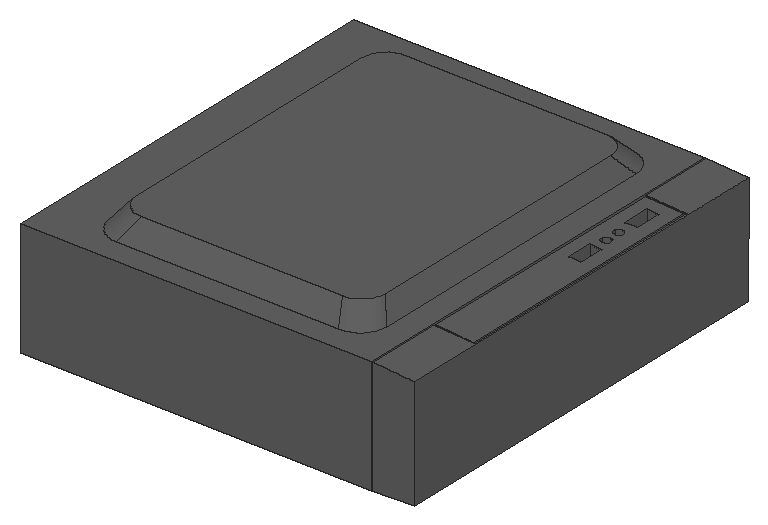
Revit family "Контроллер видеостены STS-355-L_RV17_LOD400", category Электрооборудование, Revit 2017
Family settings
  Конфигурация панели = Два столбца, слева направо
  Размер круглого соединителя = Использовать диаметр
  Тип детали = Щит
  На основе рабочей плоскости = Нет
  Всегда вертикально = Нет
  При загрузке вырезать с полостями = Нет
  Общий = Нет
  Точка расчета площади = Нет
Parameters (values of type "Контроллер видеостены STS-355-L")
  Установленное ПО = "ОС «Astra Linux Common Edition», Антивирус Касперского, Базовое серверное ПО «Синергет»"
  Смещение_УГО_Y [instance] = 1000 mm
  Смещение_УГО_X [instance] = 1000 mm
  Раздел проекта [instance] = ""
  Раздел Спецификации [instance] = ""
  Оперативная память, Гб = 8
  Объем накопителя, ГБ = 500
  Напряжение = "220"
  Мощность = "95"
  Количество подключаемых мониторов, до, шт = 2
  Количество отображаемых видеоканалов на одном мониторе, до, шт. = 32
  Количество отображаемых видеоканалов на двух мониторах, до, шт. = 48
  Диапазон рабочих температур, °С = "от +5 до +50"
  Видимость УГО [instance] = yes
  В_Смещение_УГО_Y (по умолчанию) [instance] = Смещение_УГО_Y + 2000 mm  # 3000 mm
  В_Смещение_УГО_X (по умолчанию) [instance] = Смещение_УГО_X + 2000 mm  # 3000 mm
  d_короба [instance] = 20 mm
  Ethernet = "1x1000 Мбит/с"
  ADSK_Размер_Ширина = 222 mm
  ADSK_Размер_Длина = 234 mm
  ADSK_Размер_Высота = 90 mm
  ADSK_Примечание = ""
  ADSK_Наименование = "Контроллер видеостены STS-355-L"
  ADSK_Масса = 2.65
  ADSK_Марка = "СТВФ.426484.057"
  ADSK_Количество = 1
  ADSK_Завод-изготовитель = "ООО «Основа Безопасности»"  # constant formula
  ADSK_Единица измерения = "шт."  # constant formula
  ADSK_URL страницы изделия = ""
  ADSK_URL документации изделия = "https://stilsoft.ru/products/sts-355-l"
Reference planes
  plane 1 "По центру (Вперед/Назад)": y = 0
  plane 2: z = 0
  plane 3 "По центру (Влево/Вправо)": x = 0
  plane 4: x = 111
  plane 5: x = -111
  plane 6: y = 117
  plane 7: y = -117
  plane 8: z = 90
  plane 9: x = 1000
  plane 10: y = -883
  plane 11: y = 2117
  plane 12: x = -2000
Forms (mm)
  Extrusion 1, solid, material "По умолчанию", detail levels medium+fine
    sketch origin (0, 0, 0) x (1, 0, 0) y (0, 1, 0)
      loop
        line (-111, 117) -> (-111, -117) -> (86.813, -117) -> (86.813, 117) -> (-111, 117)
    from 15 to 80
  Blend 2, solid, material "По умолчанию", detail levels medium+fine
    base sketch origin (0, 0, 0) x (1, 0, 0) y (0, 1, 0)
      loop
        arc (-68.187, 102) -> (-78.794, 97.607) -> (-83.187, 87) r 15
        line (-83.187, 87) -> (-83.187, -88)
        arc (-83.187, -88) -> (-78.794, -98.607) -> (-68.187, -103) r 15
        line (-68.187, -103) -> (56.813, -103)
        arc (56.813, -103) -> (67.42, -98.607) -> (71.813, -88) r 15
        line (71.813, -88) -> (71.813, 87)
        arc (71.813, 87) -> (67.42, 97.607) -> (56.813, 102) r 15
        line (56.813, 102) -> (-68.187, 102)
    top sketch origin (0, 0, 0) x (1, 0, 0) y (0, 1, 0)
      loop
        line (50.783, 92.61) -> (-62.157, 92.61)
        arc (-62.157, 92.61) -> (-71.74, 88.641) -> (-75.709, 79.058) r 13.553
        line (-75.709, 79.058) -> (-75.709, -79.058)
        arc (-75.709, -79.058) -> (-71.74, -88.641) -> (-62.157, -92.61) r 13.553
        line (-62.157, -92.61) -> (50.783, -92.61)
        arc (50.783, -92.61) -> (60.366, -88.641) -> (64.335, -79.058) r 13.553
        line (64.335, -79.058) -> (64.335, 79.058)
        arc (64.335, 79.058) -> (60.366, 88.641) -> (50.783, 92.61) r 13.553
    from 80 to 90
  Extrusion 3, solid, material "По умолчанию", detail levels medium+fine
    sketch origin (0, 0, 0) x (1, 0, 0) y (0, 0, 1)
      loop
        line (86.813, 80) -> (86.813, 15) -> (111, 16.268)
        arc (111, 16.268) -> (112.619, 47.5) -> (111, 78.732) r 301.976
        line (111, 78.732) -> (86.813, 80)
    from -117 to 117
  Extrusion 4, void
    sketch origin (0, 0, 0) x (1, 0, 0) y (0, 1, 0)
      loop
        line (86.813, 74.744) -> (86.813, -74.744) -> (110.496, -74.744) -> (110.496, 74.744) -> (86.813, 74.744)
      loop
        line (87.813, 73.744) -> (87.813, -73.744) -> (109.496, -73.744) -> (109.496, 73.744) -> (87.813, 73.744)
    from 78 to 90
  Extrusion 5, void
    sketch origin (0, 0, 0) x (1, 0, 0) y (0, 1, 0)
      loop
        line (94.902, 65.668) -> (94.902, 50.668) -> (101.894, 50.668) -> (101.894, 65.668) -> (94.902, 65.668)
      loop
        line (94.902, 25.668) -> (94.902, 10.668) -> (101.894, 10.668) -> (101.894, 25.668) -> (94.902, 25.668)
      loop
        circle (98.398, 41.98) r 2.688
      loop
        circle (98.398, 33.036) r 2.688
    from 60 to 80
  Extrusion 6, solid, material "По умолчанию", detail levels medium+fine
    sketch origin (0, 0, 0) x (1, 0, 0) y (0, 1, 0)
      loop
        arc (4.494, 46.683) -> (0, 50) -> (-4.494, 46.683) r 4.703
        line (-4.494, 46.683) -> (-8.835, 22.063)
        arc (-8.835, 22.063) -> (-11.839, 13.725) -> (-19.509, 9.285) r 12.917
        line (-19.509, 9.285) -> (-46.683, 4.494)
        arc (-46.683, 4.494) -> (-50, 0) -> (-46.683, -4.494) r 4.703
        line (-46.683, -4.494) -> (-20.327, -9.141)
        arc (-20.327, -9.141) -> (-12.334, -13.604) -> (-8.835, -22.063) r 13.934
        line (-8.835, -22.063) -> (-4.494, -46.683)
        arc (-4.494, -46.683) -> (0, -50) -> (4.494, -46.683) r 4.703
        line (4.494, -46.683) -> (8.835, -22.063)
        arc (8.835, -22.063) -> (12.709, -12.709) -> (22.063, -8.835) r 13.227
        line (22.063, -8.835) -> (46.683, -4.494)
        arc (46.683, -4.494) -> (50, 0) -> (46.683, 4.494) r 4.703
        line (46.683, 4.494) -> (22.063, 8.835)
        arc (22.063, 8.835) -> (12.709, 12.709) -> (8.835, 22.063) r 13.227
        line (8.835, 22.063) -> (4.494, 46.683)
    from 0 to 10
  Extrusion 7, solid, material "По умолчанию", detail levels medium+fine
    sketch origin (0, 0, 0) x (1, 0, 0) y (0, 1, 0)
      loop
        circle (0, 0) r 15
    from 10 to 15
  Extrusion 8, void
    sketch origin (0, 4.444, 4.444) x (0, 1, 0) y (0, 0, 1)
      loop
        arc (-86.851, 38.539) -> (-86.691, 39.505) -> (-86.851, 40.472) r 3
        arc (-86.851, 40.472) -> (-85.776, 46.004) -> (-90.164, 42.468) r 3
        arc (-90.164, 42.468) -> (-92.691, 39.505) -> (-90.164, 36.543) r 3
        arc (-90.164, 36.543) -> (-85.776, 33.007) -> (-86.851, 38.539) r 3
    from -111 to -95
  Extrusion 9, void
    sketch origin (0, 0, 0) x (0, 1, 0) y (0, 0, 1)
      loop
        line (-75.972, 51.631) -> (-90.972, 51.631) -> (-90.972, 36.631) -> (-75.972, 36.631) -> (-75.972, 51.631)
    from -111 to -110
  Extrusion 10, void
    sketch origin (0, 0, 0) x (0, 1, 0) y (0, 0, 1)
      loop
        line (109.608, 72.553) -> (-35.392, 72.553) -> (-35.392, 37.553) -> (109.608, 37.553) -> (109.608, 72.553)
    from -111 to -108
  Extrusion 11, void
    sketch origin (0, 0, 0) x (0, 1, 0) y (0, 0, 1)
      loop
        circle (-28.834, 44.458) r 2.787
      loop
        circle (-28.834, 54.218) r 2.787
      loop
        circle (-28.834, 63.978) r 2.787
      loop
        line (-18.741, 46.213) -> (-18.741, 42.229) -> (-8.741, 42.229) -> (-8.741, 46.213) -> (-18.741, 46.213)
      loop
        line (-18.741, 52.029) -> (-18.741, 48.045) -> (-8.741, 48.045) -> (-8.741, 52.029) -> (-18.741, 52.029)
      loop
        line (-18.741, 54.305) -> (-8.741, 54.305) -> (-8.741, 63.629) -> (-18.741, 63.629) -> (-18.741, 54.305)
      loop
        line (94.803, 46.213) -> (94.803, 42.229) -> (104.803, 42.229) -> (104.803, 46.213) -> (94.803, 46.213)
      loop
        line (94.803, 52.029) -> (94.803, 48.045) -> (104.803, 48.045) -> (104.803, 52.029) -> (94.803, 52.029)
      loop
        line (58.113, 66.148) -> (47.362, 66.148)
        arc (47.362, 66.148) -> (45.86, 65.526) -> (45.238, 64.023) r 2.124
        line (45.238, 64.023) -> (45.238, 60.956)
        arc (45.238, 60.956) -> (45.612, 60.052) -> (46.515, 59.678) r 1.277
        line (46.515, 59.678) -> (58.96, 59.678)
        arc (58.96, 59.678) -> (59.863, 60.052) -> (60.238, 60.956) r 1.277
        line (60.238, 60.956) -> (60.238, 64.023)
        arc (60.238, 64.023) -> (59.615, 65.526) -> (58.113, 66.148) r 2.124
      loop
        line (65.723, 48.045) -> (39.54, 48.045)
        arc (39.54, 48.045) -> (38.267, 47.337) -> (37.631, 46.027) r 2.422
        line (37.631, 46.027) -> (37.631, 42.617)
        arc (37.631, 42.617) -> (38.267, 41.307) -> (39.54, 40.599) r 2.422
        line (39.54, 40.599) -> (65.723, 40.599)
        arc (65.723, 40.599) -> (66.995, 41.307) -> (67.631, 42.617) r 2.422
        line (67.631, 42.617) -> (67.631, 46.027)
        arc (67.631, 46.027) -> (66.995, 47.337) -> (65.723, 48.045) r 2.422
    from -111 to -100
Cuts and joins
  Extrusion 4, Extrusion 5, Extrusion 9 cuts Extrusion 3
  Extrusion 8, Extrusion 9, Extrusion 10, Extrusion 11 cuts Extrusion 1
Dimensions and locks
  locked: plane 11 to plane 1 "По центру (Вперед/Назад)" at 2117
  locked: plane 12 to plane 3 "По центру (Влево/Вправо)" at 2000
  "В_Смещение_УГО_X (по умолчанию)": plane 12 to plane 9
  "В_Смещение_УГО_Y (по умолчанию)": plane 11 to plane 10
  "ADSK_Размер_Длина": plane 6 to plane 7
  "ADSK_Размер_Ширина": plane 5 to plane 4
  "ADSK_Размер_Высота": plane 8 to level
  aligned and locked: level to plane 2
  aligned and locked: cut or joined group of Extrusion 3, Extrusion 4, Extrusion 5, Extrusion 9 to cut or joined group of Extrusion 1, Extrusion 8, Extrusion 9, Extrusion 10, Extrusion 11
  aligned and locked: plane 5 to cut or joined group of Extrusion 1, Extrusion 8, Extrusion 9, Extrusion 10, Extrusion 11
  aligned and locked: nested 1 to plane 10
  aligned and locked: plane 9 to nested 1
Automatic sketch dimensions
  Extrusion 1 sketch curve to plane 5 = 0 mm
  plane 7 to Extrusion 1 sketch curve = 0 mm
  Extrusion 1 sketch curve to plane 6 = 0 mm
  Extrusion 1 sketch curve to plane 4 = 24.187 mm
  Blend 2 sketch curve to plane 5 = 27.813 mm
  Blend 2 sketch curve to plane 7 = 14 mm
  Blend 2 sketch curve to Blend 2 sketch curve = 15 mm  (x3)
  Blend 2 sketch curve to plane 4 = 54.187 mm  (x2)
  Blend 2 sketch curve to plane 6 = 30 mm
  Blend 2 sketch curve to plane 5 = 35.291 mm
  Blend 2 sketch curve to Blend 2 sketch curve = 13.553 mm  (x3)
  Blend 2 sketch curve to plane 6 = 24.39 mm
  plane 3 "По центру (Влево/Вправо)" to Blend 2 sketch curve = 50.783 mm  (x2)
  Blend 2 sketch curve to plane 7 = 24.39 mm
  Extrusion 3 sketch curve to plane 4 = 0 mm  (x2)
  Extrusion 3 sketch curve to plane 8 = 10 mm
  Extrusion 3 sketch curve to plane 4 = 24.187 mm
  plane 5 to Extrusion 3 sketch curve = 78.357 mm
  Extrusion 3 sketch curve to plane 8 = 11.268 mm
  Extrusion 3 sketch curve to plane 8 = 42.5 mm
  level to Extrusion 3 sketch curve = 15 mm
  Extrusion 4 sketch curve to plane 4 = 24.187 mm
  Extrusion 4 sketch curve to Extrusion 4 sketch curve = 1 mm  (x3)
  Extrusion 4 sketch curve to plane 4 = 1.504 mm
  Extrusion 4 sketch curve to plane 4 = 0.504 mm
  Extrusion 4 sketch curve to plane 7 = 42.256 mm
  Extrusion 4 sketch curve to plane 6 = 43.256 mm
  Extrusion 5 sketch curve to plane 4 = 16.098 mm  (x2)
  Extrusion 5 sketch curve to Extrusion 5 sketch curve = 3.496 mm  (x2)
  Extrusion 5 sketch curve to Extrusion 5 sketch curve = 6.992 mm  (x2)
  Extrusion 5 sketch curve to plane 1 "По центру (Вперед/Назад)" = 10.668 mm
  Extrusion 5 sketch curve to Extrusion 5 sketch curve = 15 mm  (x2)
  Extrusion 5 sketch curve to Extrusion 5 sketch curve = 7.368 mm
  Extrusion 5 sketch curve to Extrusion 5 sketch curve = 8.944 mm
  Extrusion 5 sketch curve to Extrusion 5 sketch curve = 8.688 mm
  plane 1 "По центру (Вперед/Назад)" to Extrusion 6 sketch curve = 0 mm  (x2)
  Extrusion 6 sketch curve to plane 3 "По центру (Влево/Вправо)" = 0 mm  (x2)
  Extrusion 6 sketch curve to plane 3 "По центру (Влево/Вправо)" = 4.494 mm  (x2)
  Extrusion 6 sketch curve to plane 3 "По центру (Влево/Вправо)" = 8.835 mm  (x2)
  Extrusion 6 sketch curve to plane 1 "По центру (Вперед/Назад)" = 9.285 mm
  Extrusion 6 sketch curve to Extrusion 6 sketch curve = 10.674 mm
  plane 1 "По центру (Вперед/Назад)" to Extrusion 6 sketch curve = 9.141 mm
  Extrusion 6 sketch curve to Extrusion 6 sketch curve = 11.491 mm
  Extrusion 6 sketch curve to Extrusion 6 sketch curve = 2.243 mm
  Extrusion 6 sketch curve to Extrusion 6 sketch curve = 2.42 mm
  Extrusion 6 sketch curve to Extrusion 6 sketch curve = 24.971 mm
  Extrusion 6 sketch curve to plane 1 "По центру (Вперед/Назад)" = 4.494 mm  (x2)
  Extrusion 6 sketch curve to Extrusion 6 sketch curve = 1.385 mm  (x4)
  plane 1 "По центру (Вперед/Назад)" to Extrusion 6 sketch curve = 4.494 mm  (x2)
  plane 3 "По центру (Влево/Вправо)" to Extrusion 6 sketch curve = 4.494 mm  (x2)
  plane 3 "По центру (Влево/Вправо)" to Extrusion 6 sketch curve = 8.835 mm  (x2)
  Extrusion 6 sketch curve to plane 1 "По центру (Вперед/Назад)" = 8.835 mm
  Extrusion 6 sketch curve to Extrusion 6 sketch curve = 13.227 mm
  plane 1 "По центру (Вперед/Назад)" to Extrusion 6 sketch curve = 8.835 mm
  Extrusion 6 sketch curve to Extrusion 6 sketch curve = 0 mm
  Extrusion 6 sketch curve to Extrusion 6 sketch curve = 23.235 mm  (x3)
  Extrusion 6 sketch curve to Extrusion 6 sketch curve = 13.722 mm
  Extrusion 6 sketch curve to Extrusion 6 sketch curve = 12.721 mm
  plane 1 "По центру (Вперед/Назад)" to Extrusion 7 sketch curve = 0 mm
  Extrusion 7 sketch curve to plane 3 "По центру (Влево/Вправо)" = 0 mm
  Extrusion 8 sketch curve to Extrusion 8 sketch curve = 0 mm  (x2)
  Extrusion 8 sketch curve to plane 7 = 31.753 mm
  Extrusion 8 sketch curve to Extrusion 8 sketch curve = 2.367 mm  (x2)
  level to Extrusion 8 sketch curve = 40.02 mm
  Extrusion 8 sketch curve to Extrusion 8 sketch curve = 3.929 mm  (x2)
  Extrusion 8 sketch curve to Extrusion 8 sketch curve = 0.473 mm  (x2)
  Extrusion 8 sketch curve to Extrusion 8 sketch curve = 2.84 mm
  Extrusion 8 sketch curve to Extrusion 8 sketch curve = 2.962 mm
  Extrusion 9 sketch curve to plane 7 = 26.028 mm
  Extrusion 9 sketch curve to Extrusion 9 sketch curve = 15 mm  (x2)
  level to Extrusion 9 sketch curve = 36.631 mm
  Extrusion 10 sketch curve to plane 8 = 17.447 mm
  plane 1 "По центру (Вперед/Назад)" to Extrusion 10 sketch curve = 35.392 mm
  Extrusion 10 sketch curve to plane 6 = 7.392 mm
  Extrusion 10 sketch curve to Extrusion 10 sketch curve = 35 mm
  plane 1 "По центру (Вперед/Назад)" to Extrusion 11 sketch curve = 28.834 mm
  Extrusion 11 sketch curve to Extrusion 11 sketch curve = 0 mm  (x8)
  Extrusion 11 sketch curve to Extrusion 11 sketch curve = 10.093 mm  (x2)
  plane 1 "По центру (Вперед/Назад)" to Extrusion 11 sketch curve = 8.741 mm
  Extrusion 11 sketch curve to plane 1 "По центру (Вперед/Назад)" = 37.631 mm
  Extrusion 11 sketch curve to Extrusion 11 sketch curve = 1.908 mm  (x2)
  Extrusion 11 sketch curve to Extrusion 11 sketch curve = 2.396 mm  (x2)
  Extrusion 11 sketch curve to Extrusion 11 sketch curve = 0.487 mm  (x3)
  Extrusion 11 sketch curve to Extrusion 11 sketch curve = 5.698 mm
  Extrusion 11 sketch curve to Extrusion 11 sketch curve = 1.277 mm
  Extrusion 11 sketch curve to Extrusion 11 sketch curve = 2.124 mm  (x2)
  Extrusion 11 sketch curve to Extrusion 11 sketch curve = 10.751 mm
  Extrusion 11 sketch curve to Extrusion 11 sketch curve = 0.847 mm
  Extrusion 11 sketch curve to Extrusion 11 sketch curve = 6.275 mm
  Extrusion 11 sketch curve to plane 6 = 22.197 mm
  Extrusion 11 sketch curve to Extrusion 11 sketch curve = 10 mm
  level to Extrusion 11 sketch curve = 40.599 mm
  Extrusion 11 sketch curve to Extrusion 11 sketch curve = 1.631 mm
  level to Extrusion 11 sketch curve = 42.229 mm
  Extrusion 11 sketch curve to Extrusion 11 sketch curve = 2.019 mm  (x2)
  Extrusion 11 sketch curve to Extrusion 11 sketch curve = 2.228 mm
  Extrusion 11 sketch curve to Extrusion 11 sketch curve = 2.703 mm  (x2)
  Extrusion 11 sketch curve to Extrusion 11 sketch curve = 0.353 mm
  Extrusion 11 sketch curve to Extrusion 11 sketch curve = 3.984 mm  (x4)
  Extrusion 11 sketch curve to Extrusion 11 sketch curve = 1.832 mm  (x2)
  Extrusion 11 sketch curve to Extrusion 11 sketch curve = 9.76 mm  (x2)
  Extrusion 11 sketch curve to Extrusion 11 sketch curve = 2.276 mm
  Extrusion 11 sketch curve to Extrusion 11 sketch curve = 11.633 mm
  Extrusion 11 sketch curve to Extrusion 11 sketch curve = 9.323 mm
  Extrusion 11 sketch curve to Extrusion 11 sketch curve = 3.068 mm
  radius of Extrusion 5 sketch curve = 2.688 mm  (x2)
  radius of Extrusion 7 sketch curve = 15 mm
  radius of Extrusion 11 sketch curve = 2.787 mm  (x3)
Nested families
  nested 1: "УГО_Контроллер" at (1000, -883, 0), visible <- "Видимость УГО", type "УГО_Контроллер", detail levels coarse
Connectors
  cabletrayconduit at (-100, 52.631, 44.322), diameter 20, driven by "d_короба"
    settings: on cut or joined group of Extrusion 1, Extrusion 8, Extrusion 9, Extrusion 10, Extrusion 11, index 1, connector width 300 mm, connector height 300 mm, connector angle 0.00°, system type 32, placement type 0, profile type 0, connector reference index -1, is primary connector yes, connector utility param no, connector description ""
  electrical at (-100, 52.738, 62.701)
    settings: on cut or joined group of Extrusion 1, Extrusion 8, Extrusion 9, Extrusion 10, Extrusion 11, index 2, voltage 0 V, apparent load 0 VA, apparent load phase1 0 VA, apparent load phase2 0 VA, apparent load phase3 0 VA, power factor 1, load classification "Прочее", number of poles 1, system type 14, power factor state 1, is connector primary yes, connector utility no, sub classification motor no, connector description ""
Definition of nested family "УГО_Контроллер"
  Reference planes
    plane 1: y = 0
    plane 2: x = 0
  Lines and regions (mm)
    Filled region 1, type "Цветовая область 1"
      outline origin (0, 0, 0) x (1, 0, 0) y (0, 1, 0)
        loop
          line (0, -2.5) -> (0, -5) -> (5, -5) -> (5, -2.5) -> (0, -2.5)
    detail lines
      curve 1: line (5, 0, 0) -> (5, -5, 0)
      curve 2: line (5, -5, 0) -> (-5, -5, 0)
      curve 3: line (-5, -5, 0) -> (-5, 0, 0)
      curve 4: line (-5, 0, 0) -> (5, 0, 0)
      curve 5: line (5, -2.5, 0) -> (0, -2.5, 0)
      curve 6: line (0, -2.5, 0) -> (0, -5, 0)
